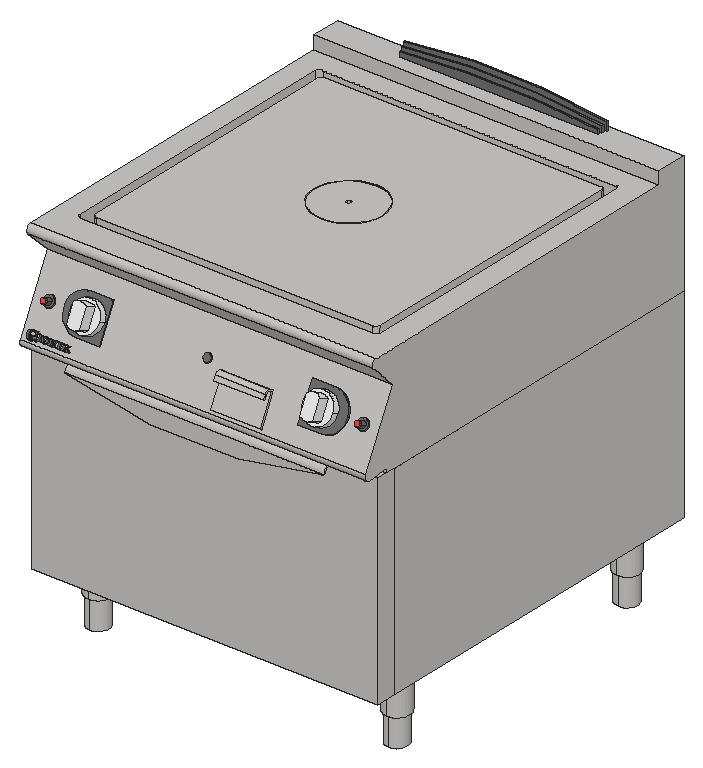
Revit family "QF_GIORIK_TG940F", category Specialty Equipment, Revit 2014
Parameters (values of type "TG940F")
  Weight in Pounds = 418.8778
  Waste Water Discharge Temperature [instance] = 0 °C
  URL Cutsheet = "www.giorik.com"
  URL = "www.giorik.com"
  Status [instance] = ""
  Specification by User [instance] = ""
  Specification by Manufacturer = ""
  Show Logo [instance] = yes
  Show Clearance [instance] = yes
  Serial Number = ""
  Seismic Rating = ""
  SMACNA No = ""
  Revision Code [instance] = ""
  Plumbing Remarks [instance] = ""
  Plumbing Connection Type [instance] = ""
  NAFEM Spec ID Number = ""
  Model = "TG940F"
  Mechanical Remarks [instance] = ""
  Mechanical Connection Type [instance] = "Natural Gas"
  Masterspec = ""
  Manufacturer = "GIORIK"
  Item Number [instance] = ""
  Installed By [instance] = ""
  Indirect Waste Size = 1"
  Indirect Waste Flow = 0.0 L/s
  Indirect Waste Connection Type [instance] = ""
  Indirect Waste Connection Height [instance] = 150 mm
  Identify Quantity as Lot [instance] = no
  Gas Size = 1"
  Gas RI Height [instance] = 0 mm
  Gas KW = 23
  Gas Input = 0 W
  Gas Connection Height [instance] = 150 mm
  Furnished By [instance] = ""
  Foodservice Equipment Identifier [instance] = yes
  Description = "GAS SOLID TOP HOB ON GAS OVEN"
  CSI MasterFormat = ""
  Assembly Code = "E1090320"
Reference planes
  plane 1 "Back": y = 0
  plane 2: z = 0
  plane 3 "Left": x = 0
  plane 4 "Right": x = 800
  plane 5 "Front": y = -920
  plane 6 "Top": z = 900
Forms (mm)
  Extrusion 1, solid
    sketch origin (-16, 1025.948, 0) x (1, 0, 0) y (0, 1, 0)
      loop
        line (25, -1086.81) -> (25, -1156.81) -> (115, -1156.81) -> (115, -1086.81) -> (25, -1086.81)
    from 148 to 150
  Extrusion 2, solid
    sketch origin (-4, 0.138, 130) x (1, 0, 0) y (0, 1, 0)
      loop
        circle (54, -385) r 12.5
    from 0 to 20
  Extrusion 3, solid
    sketch origin (0, 800.138, -20) x (0, 1, 0) y (0, 0, 1)
      loop
        line (-800.138, 919.988) -> (-870.138, 919.988) -> (-870.138, 889.988) -> (-1688.806, 889.988)
        arc (-1688.806, 889.988) -> (-1699.151, 883.075) -> (-1696.724, 870.873) r 11.197
        line (-1696.724, 870.873) -> (-1640.876, 815.025) -> (-1718.948, 661.258)
        arc (-1718.948, 661.258) -> (-1718.233, 650.105) -> (-1708.118, 645.354) r 10.981
        line (-1708.118, 645.354) -> (-1660, 649.925) -> (-1660, 640) -> (-800.138, 640) -> (-800.138, 919.988)
    from 0 to 800
  Extrusion 4, solid
    sketch origin (0, -199.862, 599.536) x (1, 0, 0) y (0, 1, 0)
      loop
        line (0, -640) -> (40, -640) -> (40, 159.862) -> (760, 159.862) -> (760, -640) -> (800, -640) -> (800, 199.862) -> (0, 199.862) -> (0, -640)
    from -449.536 to 20.464
  Extrusion 5, solid
    sketch origin (0, -199.862, 0) x (1, 0, 0) y (0, 1, 0)
      loop
        line (40, 159.862) -> (40, -640) -> (760, -640) -> (760, 159.862) -> (40, 159.862)
    from 150 to 190
  Extrusion 6, solid
    sketch origin (-16, 360.948, 0) x (1, 0, 0) y (0, 1, 0)
      loop
        line (25, -1086.81) -> (25, -1156.81) -> (115, -1156.81) -> (115, -1086.81) -> (25, -1086.81)
    from 148 to 150
  Revolve 7, solid
    sketch origin (54, 360.948, 0) x (0, 1, 0) y (0, 0, 1)
      loop
        line (-1092.56, 66) -> (-1092.56, 148) -> (-1121.81, 148) -> (-1121.81, 0) -> (-1096.81, 0) -> (-1096.81, 66) -> (-1092.56, 66)
      axis (-1121.81, 0) -> (-1121.81, 148)
    angle from 0 to 360
  Extrusion 8, solid
    sketch origin (816, 360.948, 0) x (-1, 0, 0) y (0, -1, 0)
      loop
        line (25, 1086.81) -> (115, 1086.81) -> (115, 1156.81) -> (25, 1156.81) -> (25, 1086.81)
    from 148 to 150
  Revolve 9, solid
    sketch origin (746, 360.948, 0) x (0, 1, 0) y (0, 0, -1)
      loop
        line (-1092.56, -66) -> (-1096.81, -66) -> (-1096.81, 0) -> (-1121.81, 0) -> (-1121.81, -148) -> (-1092.56, -148) -> (-1092.56, -66)
      axis (-1121.81, 0) -> (-1121.81, -148)
    angle from 0 to 360
  Extrusion 10, void
    sketch origin (402.225, -199.862, 900) x (0, 1, 0) y (-1, 0, 0)
      loop
        line (79.862, -337.775) -> (79.862, 342.225)
        arc (79.862, 342.225) -> (76.933, 349.296) -> (69.862, 352.225) r 10
        line (69.862, 352.225) -> (-610.265, 352.225)
        arc (-610.265, 352.225) -> (-617.336, 349.296) -> (-620.265, 342.225) r 10
        line (-620.265, 342.225) -> (-620.265, -337.775)
        arc (-620.265, -337.775) -> (-617.336, -344.846) -> (-610.265, -347.775) r 10
        line (-610.265, -347.775) -> (69.862, -347.775)
        arc (69.862, -347.775) -> (76.933, -344.846) -> (79.862, -337.775) r 10
    from -30.012 to -70.012
  Extrusion 11, solid
    sketch origin (816, -1217.672, 0) x (-1, 0, 0) y (0, -1, 0)
      loop
        line (25, -1086.81) -> (25, -1156.81) -> (115, -1156.81) -> (115, -1086.81) -> (25, -1086.81)
    from 148 to 150
  Revolve 12, solid
    sketch origin (746, -1217.672, 0) x (0, -1, 0) y (0, 0, 1)
      loop
        line (-1092.56, 66) -> (-1092.56, 148) -> (-1121.81, 148) -> (-1121.81, 0) -> (-1096.81, 0) -> (-1096.81, 66) -> (-1092.56, 66)
      axis (-1121.81, 0) -> (-1121.81, 148)
    angle from 0 to 360
  Extrusion 13, solid
    sketch origin (-199.411, -199.862, 829.988) x (0, 1, 0) y (-1, 0, 0)
      loop
        line (59.862, -919.41) -> (59.862, -280.219)
        arc (59.862, -280.219) -> (56.933, -273.148) -> (49.862, -270.219) r 10
        line (49.862, -270.219) -> (-590.265, -270.219)
        arc (-590.265, -270.219) -> (-597.336, -273.148) -> (-600.265, -280.219) r 10
        line (-600.265, -280.219) -> (-600.265, -919.41)
        arc (-600.265, -919.41) -> (-597.336, -926.481) -> (-590.265, -929.41) r 10
        line (-590.265, -929.41) -> (49.862, -929.41)
        arc (49.862, -929.41) -> (56.933, -926.481) -> (59.862, -919.41) r 10
      loop
        circle (-270.201, -600.241) r 80
    from 0 to 40
  Extrusion 14, solid
    sketch origin (-198.539, -99.781, 829.988) x (0, 1, 0) y (-1, 0, 0)
      loop
        circle (-370.282, -599.41) r 78
      loop
        circle (-370.282, -599.41) r 5
    from 0 to 40
  Extrusion 15, solid
    sketch origin (36.031, 0, -10.001) x (1, 0, 0) y (0, 0, 1)
      loop
        line (135, 909.989) -> (592.969, 909.989) -> (592.969, 919.989) -> (440.969, 929.989) -> (287, 929.989) -> (135, 919.989) -> (135, 909.989)
    from 32 to 35
  Extrusion 16, solid
    sketch origin (38, 10, -10.001) x (1, 0, 0) y (0, 0, 1)
      loop
        line (594, 909.989) -> (594, 924.989) -> (440, 937.489) -> (284, 937.489) -> (130, 925.001) -> (130, 909.989) -> (594, 909.989)
    from 32 to 35
  Extrusion 17, solid
    sketch origin (40, 20, -10.001) x (1, 0, 0) y (0, 0, 1)
      loop
        line (595, 909.989) -> (595, 930.001) -> (439, 945.258) -> (281, 945.258) -> (125, 929.989) -> (125, 909.989) -> (595, 909.989)
    from 32 to 35
  Extrusion 18, solid, visible <- "Show Logo"
    sketch origin (-83.044, -936.789, 609.161) x (-1, 0, 0) y (0, 0.452718, 0.891654)
      loop
        line (-118.824, 58.358) -> (-127.804, 58.358) -> (-125.523, 56.445) -> (-125.523, 48.027) -> (-127.804, 46.113) -> (-118.824, 46.113) -> (-121.105, 48.027) -> (-121.105, 56.445) -> (-118.824, 58.358)
      loop
        line (-163.721, 58.358) -> (-172.7, 58.358) -> (-170.42, 56.445) -> (-170.42, 48.027) -> (-172.7, 46.113) -> (-163.721, 46.113) -> (-166.001, 48.027) -> (-166.001, 56.445) -> (-163.721, 58.358)
      loop
        line (-174.332, 58.358) -> (-183.312, 58.358) -> (-181.031, 56.445) -> (-181.031, 52.435) -> (-186.419, 56.955) -> (-184.416, 58.358) -> (-191.268, 58.358) -> (-188.01, 56.839) -> (-185.455, 54.283) -> (-190.846, 47.858) -> (-193.396, 46.93) -> (-193.396, 46.113) -> (-184.416, 46.113) -> (-185.437, 47.571) -> (-182.443, 51.552) -> (-181.031, 50.894) -> (-181.031, 48.027) -> (-183.312, 46.113) -> (-174.332, 46.113) -> (-176.613, 48.027) -> (-176.613, 56.445) -> (-174.332, 58.358)
      loop
        line (-115.429, 62.063) -> (-115.429, 54.198)
        arc (-115.429, 54.198) -> (-111.618, 57.803) -> (-106.847, 59.986) r 16.039
        arc (-106.847, 59.986) -> (-103.314, 59.837) -> (-100.512, 57.68) r 5.851
        arc (-100.512, 57.68) -> (-98.815, 52.267) -> (-100.512, 46.853) r 9.479
        arc (-100.512, 46.853) -> (-102.406, 44.986) -> (-104.846, 43.93) r 7.236
        arc (-104.846, 43.93) -> (-107.728, 44.111) -> (-110.052, 45.825) r 5.11
        line (-110.052, 45.825) -> (-110.052, 52.001) -> (-116.141, 52.001) -> (-116.141, 45.503) -> (-117.893, 43.751) -> (-114.094, 44.769)
        arc (-114.094, 44.769) -> (-112.56, 44.947) -> (-111.129, 44.366) r 3.115
        arc (-111.129, 44.366) -> (-104.216, 42.091) -> (-97.303, 44.366) r 11.641
        arc (-97.303, 44.366) -> (-93.396, 52.107) -> (-97.303, 59.849) r 9.622
        arc (-97.303, 59.849) -> (-104.369, 62.174) -> (-111.435, 59.849) r 11.898
        line (-111.435, 59.849) -> (-115.429, 62.063)
      loop
        arc (-129.234, 56.068) -> (-135.893, 58.628) -> (-142.552, 56.068) r 9.941
        arc (-142.552, 56.068) -> (-144.234, 52.286) -> (-142.552, 48.505) r 5.093
        arc (-142.552, 48.505) -> (-135.893, 45.945) -> (-129.234, 48.505) r 9.941
        arc (-129.234, 48.505) -> (-127.552, 52.286) -> (-129.234, 56.068) r 5.093
      loop
        arc (-132.628, 54.403) -> (-135.893, 57.668) -> (-139.158, 54.403) r 3.265
        line (-139.158, 54.403) -> (-139.158, 50.169)
        arc (-139.158, 50.169) -> (-135.893, 46.904) -> (-132.628, 50.169) r 3.265
        line (-132.628, 50.169) -> (-132.628, 54.403)
      loop
        arc (-156.363, 58.365) -> (-159.647, 55.081) -> (-156.363, 51.796) r 3.285
        line (-156.363, 51.796) -> (-159.529, 47.306) -> (-162.087, 46.113) -> (-155.847, 46.113) -> (-153.529, 51.083) -> (-150.637, 51.083) -> (-150.637, 47.784) -> (-153.022, 46.113) -> (-144.011, 46.113) -> (-146.094, 47.68) -> (-146.094, 56.493) -> (-144.229, 58.365) -> (-156.363, 58.365)
      loop
        line (-150.637, 57.512) -> (-153.637, 57.512)
        arc (-153.637, 57.512) -> (-156.237, 54.912) -> (-153.637, 52.312) r 2.6
        line (-153.637, 52.312) -> (-150.637, 52.312) -> (-150.637, 57.512)
      loop
        line (-108.924, 52.001) -> (-104.936, 49.005) -> (-100.948, 52.001) -> (-108.924, 52.001)
    from 1.5 to -0.5
  Extrusion 19, solid
    sketch origin (-293.248, -1163.984, 52.347) x (1, 0, 0) y (0, 0.452718, 0.891654)
      loop
        line (463.221, 676.25) -> (463.221, 766.25) -> (409.698, 766.25)
        arc (409.698, 766.25) -> (364.698, 721.25) -> (409.698, 676.25) r 45
        line (409.698, 676.25) -> (463.221, 676.25)
    from 48 to 50
  Extrusion 20, solid
    sketch origin (481.304, -1209.336, 74.943) x (-1, 0, 0) y (0, -0.45351, -0.891251)
      loop
        circle (351.331, -721.346) r 35
    from 0 to 15
  Extrusion 21, solid
    sketch origin (481.304, -1209.336, 74.943) x (-1, 0, 0) y (0, -0.45351, -0.891251)
      loop
        arc (336.331, -743.846) -> (351.331, -748.846) -> (366.331, -743.846) r 25
        line (366.331, -743.846) -> (366.331, -698.846)
        arc (366.331, -698.846) -> (351.331, -693.846) -> (336.331, -698.846) r 25
        line (336.331, -698.846) -> (336.331, -743.846)
    from 15 to 40
  Extrusion 22, solid
    sketch origin (75.123, -1180.485, 70.653) x (-1, 0, 0) y (0, -0.452718, -0.891654)
      loop
        circle (38.702, -711.666) r 12.5
    from 25 to 27
  Extrusion 23, solid
    sketch origin (801.331, -1207.487, 77.158) x (-1, 0, 0) y (0, -0.452718, -0.891654)
      loop
        circle (764.91, -718.089) r 6
    from 0 to 15
  Extrusion 24, solid
    sketch origin (801.331, -1208.522, 77.686) x (-1, 0, 0) y (0, -0.452718, -0.891654)
      loop
        circle (764.91, -718.089) r 6
    from 13.838 to 15.838
  Extrusion 25, solid
    sketch origin (302.365, -1206.739, 162.521) x (0, 0.891654, -0.452718) y (0, 0.452718, 0.891654)
      loop
        line (40, 640.1) -> (30, 640.1)
        arc (30, 640.1) -> (22.929, 637.171) -> (20, 630.1) r 10
        line (20, 630.1) -> (20, 620.1) -> (22, 620.1) -> (22, 630.1)
        arc (22, 630.1) -> (24.343, 635.757) -> (30, 638.1) r 8
        line (30, 638.1) -> (38, 638.1) -> (38, 565.1) -> (40, 565.1) -> (40, 640.1)
    from 137.5 to 252.5
  Extrusion 26, solid
    sketch origin (438.629, -1176.168, 79.155) x (-1, 0, 0) y (0, -0.452718, -0.891654)
      loop
        circle (38.657, -711.64) r 9
    from 25 to 27
  Extrusion 27, solid
    sketch origin (1093.193, -1163.984, 52.347) x (-1, 0, 0) y (0, -0.452718, -0.891654)
      loop
        line (463.221, -676.25) -> (409.698, -676.25)
        arc (409.698, -676.25) -> (364.698, -721.25) -> (409.698, -766.25) r 45
        line (409.698, -766.25) -> (463.221, -766.25) -> (463.221, -676.25)
    from 48 to 50
  Extrusion 28, solid
    sketch origin (318.641, -1209.336, 74.943) x (1, 0, 0) y (0, 0.45351, 0.891251)
      loop
        circle (351.331, 721.346) r 35
    from 0 to 15
  Extrusion 29, solid
    sketch origin (318.641, -1209.336, 74.943) x (1, 0, 0) y (0, 0.45351, 0.891251)
      loop
        line (336.331, 743.846) -> (336.331, 698.846)
        arc (336.331, 698.846) -> (351.331, 693.846) -> (366.331, 698.846) r 25
        line (366.331, 698.846) -> (366.331, 743.846)
        arc (366.331, 743.846) -> (351.331, 748.846) -> (336.331, 743.846) r 25
    from 15 to 40
  Extrusion 30, solid
    sketch origin (724.822, -1180.485, 70.653) x (1, 0, 0) y (0, 0.452718, 0.891654)
      loop
        circle (38.702, 711.666) r 12.5
    from 25 to 27
  Extrusion 31, solid
    sketch origin (-1.386, -1207.486, 77.16) x (1, 0, 0) y (0, 0.452718, 0.891654)
      loop
        circle (764.91, 718.089) r 6
    from 0 to 15
  Extrusion 32, solid
    sketch origin (-1.386, -1208.522, 77.686) x (1, 0, 0) y (0, 0.452718, 0.891654)
      loop
        circle (764.91, 718.089) r 6
    from 13.838 to 15.838
  Extrusion 33, solid
    sketch origin (0, -924.862, 0) x (1, 0, 0) y (0, 0, 1)
      loop
        line (0, 620) -> (0, 150) -> (800, 150) -> (800, 620) -> (0, 620)
    from -85 to -40
  Extrusion 34, solid
    sketch origin (2.5, -924.862, -20.1) x (0, 1, 0) y (0, 0, 1)
      loop
        arc (25, 640.1) -> (14.393, 635.707) -> (10, 625.1) r 15
        line (10, 625.1) -> (12, 625.1)
        arc (12, 625.1) -> (15.808, 634.292) -> (25, 638.1) r 13
        line (25, 638.1) -> (40, 638.1) -> (40, 640.1) -> (25, 640.1)
    from 97.5 to 697.5
  Extrusion 35, solid
    sketch origin (2.5, -924.767, -20.1) x (1, 0, 0) y (0, 0, 1)
      loop
        arc (97.5, 625.1) -> (397.5, 582.413) -> (697.5, 625.1) r 1075.531
        line (697.5, 625.1) -> (97.5, 625.1)
    from -11.905 to -9.905
  Extrusion 36, solid, visible <- "Show Clearance", detail levels coarse
    sketch origin (0, -199.862, 0) x (0, 1, 0) y (0, 0, 1)
      loop
        line (-685, 150) -> (-685, 620)
        arc (-685, 620) -> (-1017.34, 482.34) -> (-1155, 150) r 470
        line (-1155, 150) -> (-685, 150)
    from 0 to 800
  Extrusion 37, solid
    sketch origin (704, -242.5, 130) x (1, 0, 0) y (0, 1, 0)
      loop
        circle (54, -385) r 12.5
    from 0 to 20
Cuts and joins
  Extrusion 10 cuts Extrusion 3
Lines and regions (mm)
  symbolic lines, style "200-EquipBorder-2D"
    curve 1: line (0, -920, 0) -> (800, -920, 0)
    curve 2: line (800, -920, 0) -> (800, 0, 0)
    curve 3: line (800, 0, 0) -> (0, 0, 0)
    curve 4: line (0, 0, 0) -> (0, -920, 0)
    curve 43: line (114.972, -928.052, 900) -> (114.972, -920, 900)
    curve 44: line (144.972, -928.052, 900) -> (144.972, -920, 900)
    curve 45: line (684.972, -928.052, 900) -> (684.972, -920, 900)
    curve 46: line (654.972, -928.052, 900) -> (654.972, -920, 900)
    curve 47: arc (654.972, -928.052, 900) -> (669.972, -930.267, 900) -> (684.972, -928.052, 900) r 51.906
    curve 48: arc (114.972, -928.052, 900) -> (129.972, -930.565, 900) -> (144.972, -928.052, 900) r 46.036
  symbolic lines, style "200-EquipInternal-2D"
    curve 5: line (0, -70, 900) -> (800, -70, 900)
    curve 6: line (165, -12, 900) -> (635, -12, 900)
    curve 7: line (635, -12, 900) -> (635, -15, 900)
    curve 8: line (635, -15, 900) -> (165, -15, 900)
    curve 9: line (165, -15, 900) -> (165, -12, 900)
    curve 10: line (168, -22, 900) -> (632, -22, 900)
    curve 11: line (632, -22, 900) -> (632, -25, 900)
    curve 12: line (632, -25, 900) -> (168, -25, 900)
    curve 13: line (168, -25, 900) -> (168, -22, 900)
    curve 14: line (171.031, -32, 900) -> (629, -32, 900)
    curve 15: line (629, -32, 900) -> (629, -35, 900)
    curve 16: line (629, -35, 900) -> (171.031, -35, 900)
    curve 17: line (171.031, -35, 900) -> (171.031, -32, 900)
    curve 18: arc (60, -120, 900) -> (52.929, -122.929, 900) -> (50, -130, 900) r 10
    curve 19: line (740, -120, 900) -> (60, -120, 900)
    curve 20: line (719.999, -140, 900) -> (80.808, -140, 900)
    curve 21: line (50, -130, 900) -> (50, -810.127, 900)
    curve 22: line (70.808, -150, 900) -> (70.808, -790.127, 900)
    curve 23: arc (80.808, -140, 900) -> (73.737, -142.929, 900) -> (70.808, -150, 900) r 10
    curve 24: arc (50, -810.127, 900) -> (52.929, -817.198, 900) -> (60, -820.127, 900) r 10
    curve 25: arc (70.808, -790.127, 900) -> (73.737, -797.198, 900) -> (80.808, -800.127, 900) r 10
    curve 26: line (60, -820.127, 900) -> (740, -820.127, 900)
    curve 27: line (80.808, -800.127, 900) -> (719.999, -800.127, 900)
    curve 28: line (750, -810.127, 900) -> (750, -130, 900)
    curve 29: arc (719.999, -800.127, 900) -> (727.07, -797.198, 900) -> (729.999, -790.127, 900) r 10
    curve 30: line (729.999, -790.127, 900) -> (729.999, -150, 900)
    curve 31: arc (740, -820.127, 900) -> (747.071, -817.198, 900) -> (750, -810.127, 900) r 10
    curve 32: arc (729.999, -150, 900) -> (727.07, -142.929, 900) -> (719.999, -140, 900) r 10
    curve 33: arc (750, -130, 900) -> (747.071, -122.929, 900) -> (740, -120, 900) r 10
    curve 34: arc (480.83, -470.064, 900) -> (400.83, -550.064, 900) -> (320.83, -470.064, 900) r 80
    curve 35: arc (478.872, -470.064, 900) -> (400.872, -392.064, 900) -> (322.872, -470.064, 900) r 78
    curve 36: arc (320.83, -470.064, 900) -> (400.83, -390.064, 900) -> (480.83, -470.064, 900) r 80
    curve 37: arc (322.872, -470.064, 900) -> (400.872, -548.064, 900) -> (478.872, -470.064, 900) r 78
    curve 38: arc (405.872, -470.064, 900) -> (400.872, -475.064, 900) -> (395.872, -470.064, 900) r 5
    curve 39: arc (395.872, -470.064, 900) -> (400.872, -465.064, 900) -> (405.872, -470.064, 900) r 5
  symbolic lines, style "QF_Door-Drawer Clearances", visible <- "Show Clearance", detail levels coarse
    curve 40: line (0, -920, 900) -> (0, -1354.862, 900)
    curve 41: line (0, -1354.862, 900) -> (800, -1354.862, 900)
    curve 42: line (800, -1354.862, 900) -> (800, -920, 900)
Dimensions and locks
  plane 3 "Left" to plane 4 "Right" = 800 mm
  plane 5 "Front" to plane 1 "Back" = 920 mm
  plane 4 "Right" to plane 3 "Left" = 800 mm
  plane 1 "Back" to plane 5 "Front" = 920 mm
  plane 6 "Top" to level = 900 mm  (x2)
  aligned and locked: level to plane 2
Connectors
  piping at (50, -384.862, 130), diameter 25.4, driven by "Gas Size"
    settings: on Extrusion 2, index 1, connector inside diameter 24", connector length 0 mm, flow factor 0, pipe flow 0.0 L/s, pressure drop 0.0 Pa, fitting loss kfactor 0, connector angle 0.00°, fixture units 0, engagement length 0 mm, angle of deflection 0.00°, flow configuration 1, flow direction 1, fitting loss method 0, system type 22, joint type 0, gender type 0, connector reference index -1, connector utility 0, adjustable connector no, is connector primary yes, connector description "Gas inlet"
  piping at (758, -627.5, 130), diameter 25.4, driven by "Indirect Waste Size", driven by "Indirect Waste Flow"
    settings: on Extrusion 37, index 2, connector inside diameter 24", connector length 0 mm, flow factor 0, pipe flow 0.0 L/s, pressure drop 0.0 Pa, fitting loss kfactor 0, connector angle 0.00°, fixture units 0, engagement length 0 mm, angle of deflection 0.00°, flow configuration 1, flow direction 2, fitting loss method 0, system type 16, joint type 0, gender type 0, connector reference index -1, connector utility 0, adjustable connector no, is connector primary no, connector description "Water drain"
